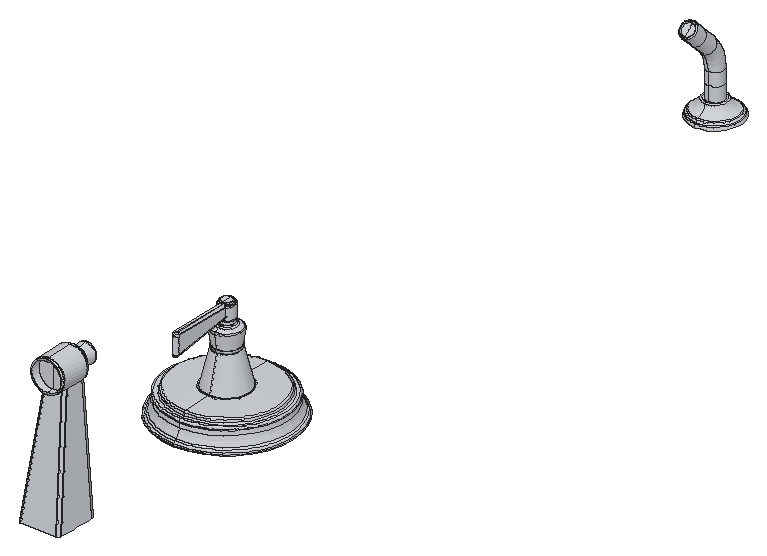
Revit family "Shower-Bath_and_Shower_Trim-KOHLER-Archer-K-TLS11077", category Plumbing Fixtures, host Face, Revit 2015
Parameters (values of type "CP-Polished Chrome")
  Width = 6 1/2"  # constant formula
  Waste Water Outlet = "Waste Water Outlet"  # constant formula
  Waste Connection = 1 = 0  # no
  Vent Connection = 1 = 0  # no
  URL = "https://www.us.kohler.com/us/"
  Type = 1
  Product Page URL = "http://www.us.kohler.com/us/catalog/productDetails.jsp?productNumber=TLS11077-4"
  Product Name = "Archer"  # constant formula
  Product Documentation Link = "https://www.us.kohler.com/webassets/kpna/catalog/pdf/en/K-TLS11077-4_spec.pdf"
  Panel Thickness = 0"
  Model = if(Type = 1, "K-TLS11077-4-CP", if(Type = 2, "K-TLS11077-4-BN", "NA"))  # "K-TLS11077-4-CP"
  Material = "Premium Metal Construction"  # constant formula
  MasterFormat 2004 = "22.41.23"  # constant formula
  MasterFormat 1995 = "15410"  # constant formula
  Manufacturer Address = "444 Highland Dr, Kohler, WI 53044"  # constant formula
  Manufacturer = "KOHLER Co."  # constant formula
  Length = 4 1/2"  # constant formula
  Tempered Water Inlet-2 = "Tempered Water Inlet-2"  # constant formula
  Height = 6 1/2"  # constant formula
  Distance To Spout [instance] = 10"
  Distance To Showerarm [instance] = 30"
  HW Connection = 1 = 1  # yes
  Finish = Kohler-Metal-CP-Polished_Chrome
  Environmental Product Declaration = ""
  Drain Included = 1 = 0  # no
  Description = "Rite-Temp bath and shower valve trim with lever handle and spout, less showerhead"  # constant formula
  Default Elevation = 42"
  Declare Label = ""
  Date Modified = "01/22/2019"  # constant formula
  Date Created = "01/22/2019"  # constant formula
  Copyright = "Copyright KOHLER Co."  # constant formula
  Contact Us = "https://www.us.kohler.com/us/static/contact.jsp"
  Tempered Water Inlet-1 = "Tempered Water Inlet-1"  # constant formula
  CW Connection = 1 = 0  # no
  Assembly Code = "D2010700"
  ADA Compliant = 1 = 1  # yes
Reference planes (in)
  plane 1 "Center (Front/Back)": y = 0
  plane 2: z = 0
  plane 3 "Center (Left/Right)": x = 0
  plane 4: y = 30
  plane 5: x = -3.25
  plane 6: x = 3.25
  plane 7: y = 3.25
  plane 8: y = -3.25
  plane 9: z = 4.5
  plane 10: y = 28.3125
  plane 11: y = 31.25
  plane 12: y = 28.75
  plane 13: z = 5
  plane 14: z = 6.5
  plane 15: y = -10
  plane 16: y = -11.58052
  plane 17: y = -9.39302
Dimensions and locks (in)
  "Distance To Showerarm": plane 1 "Center (Front/Back)" to plane 4
  "Width": plane 5 to plane 6
  "Height": plane 7 to plane 8
  "Length": level to plane 9
  locked: plane 4 to plane 10 at 1.6875
  locked: plane 11 to plane 12 at 2.5
  locked: plane 13 to plane 2 at 5
  locked: plane 14 to plane 2 at 6.5
  locked: plane 17 to plane 16 at 2.1875
  locked: plane 17 to plane 15 at 0.60698
  "Distance To Spout": plane 15 to plane 1 "Center (Front/Back)"
  locked: plane 11 to plane 4 at 1.25
  aligned and locked: host face to plane 2
  aligned and locked: host face to level
  aligned and locked: nested 2 to plane 4
  aligned and locked: plane 15 to nested 3
  aligned and locked: plane 16 to nested 3
  aligned and locked: plane 17 to nested 3
Automatic sketch dimensions
  host sketch curve to host sketch curve = 96"  (x2)
Nested families (in)
  nested 1: "K-TLS11077_Handle" at (0, 0, 0), type "K-TLS11077_Handle"
  nested 2: "K-TLS11077_Shower arm" at (0, 30, 0), type "K-TLS11077_Shower arm"
  nested 3: "K-TLS11077_Spout" at (0, -10, 0), type "K-TLS11077_Spout"
Connectors (in)
  piping at (0, 30, 0), diameter 0.5, driven by "HW Connection", driven by "Tempered Water Inlet-1"
    settings: on nested 2, index 1, connector inside diameter 24", connector length 0", flow factor 0, pipe flow 0 GPM, pressure drop 0.00 psi, fitting loss kfactor 0, connector angle 0.00°, fixture units 0, engagement length 0", angle of deflection 0.00°, flow configuration 0, flow direction 1, fitting loss method 0, system type 19, joint type 0, gender type 0, connector reference index -1, connector utility 1, adjustable connector no, is connector primary yes, connector description "Tempered Water Inlet-1"
  piping at (0, -10, 0), diameter 0.5, driven by "HW Connection", driven by "Tempered Water Inlet-2"
    settings: on nested 3, index 2, connector inside diameter 24", connector length 0", flow factor 0, pipe flow 0 GPM, pressure drop 0.00 psi, fitting loss kfactor 0, connector angle 0.00°, fixture units 0, engagement length 0", angle of deflection 0.00°, flow configuration 0, flow direction 1, fitting loss method 0, system type 19, joint type 0, gender type 0, connector reference index -1, connector utility 1, adjustable connector no, is connector primary no, connector description "Tempered Water Inlet-2"
Definition of nested family "K-TLS11077_Handle"
  Parameters (values of type "K-TLS11077_Handle")
    Material = none
  Reference planes (in)
    plane 1 "Center (Front/Back)": y = 0
    plane 2: z = 0
    plane 3 "Center (Left/Right)": x = 0
    plane 4: x = -3.25
    plane 5: x = 3.25
    plane 6: y = 3.25
    plane 7: y = -3.25
    plane 8: z = 5
  Forms (in)
    Revolve 1, solid, material <- "Material", detail levels medium+fine
      sketch origin (0, 0, 0) x (0, 1, 0) y (0, 0, 1)
        loop
          line (0, 0) -> (0, 5.05079) -> (-0.26776, 5.05079)
          arc (-0.26776, 5.05079) -> (-0.28179, 5.04498) -> (-0.2876, 5.03095) r 0.01984
          line (-0.2876, 5.03095) -> (-0.2876, 5)
          arc (-0.2876, 5) -> (-0.29443, 4.98178) -> (-0.31156, 4.97256) r 0.02769
          arc (-0.31156, 4.97256) -> (-0.32893, 4.96723) -> (-0.34369, 4.95664) r 0.05611
          line (-0.34369, 4.95664) -> (-0.37791, 4.92241)
          arc (-0.37791, 4.92241) -> (-0.38723, 4.90847) -> (-0.3905, 4.89202) r 0.04297
          line (-0.3905, 4.89202) -> (-0.3905, 4.32741)
          arc (-0.3905, 4.32741) -> (-0.38684, 4.30849) -> (-0.3764, 4.29229) r 0.0508
          arc (-0.3764, 4.29229) -> (-0.3661, 4.27632) -> (-0.3625, 4.25767) r 0.05005
          line (-0.3625, 4.25767) -> (-0.3625, 4.13355)
          arc (-0.3625, 4.13355) -> (-0.36657, 4.11333) -> (-0.37815, 4.09625) r 0.05227
          arc (-0.37815, 4.09625) -> (-0.38924, 4.08226) -> (-0.39652, 4.06595) r 0.07176
          arc (-0.39652, 4.06595) -> (-0.42403, 4.01725) -> (-0.46956, 3.98476) r 0.12906
          line (-0.46956, 3.98476) -> (-0.70021, 3.88685)
          arc (-0.70021, 3.88685) -> (-0.71909, 3.87) -> (-0.7238, 3.84515) r 0.03936
          line (-0.7238, 3.84515) -> (-0.62531, 3.1443)
          arc (-0.62531, 3.1443) -> (-0.62824, 3.1226) -> (-0.64205, 3.10561) r 0.04045
          arc (-0.64205, 3.10561) -> (-0.65959, 3.05349) -> (-0.61521, 3.021) r 0.04656
          line (-0.61521, 3.021) -> (-0.56508, 3.021)
          arc (-0.56508, 3.021) -> (-0.58157, 3.01234) -> (-0.5987, 3.00504) r 0.22933
          arc (-0.5987, 3.00504) -> (-0.62248, 2.98874) -> (-0.6361, 2.96334) r 0.06091
          line (-0.6361, 2.96334) -> (-1.06808, 1.29385)
          arc (-1.06808, 1.29385) -> (-1.07128, 1.27449) -> (-1.07098, 1.25488) r 0.10977
          line (-1.07098, 1.25488) -> (-1.06763, 1.22302)
          arc (-1.06763, 1.22302) -> (-1.09224, 1.26748) -> (-1.14008, 1.28461) r 0.07198
          arc (-1.14008, 1.28461) -> (-1.8288, 1.26825) -> (-2.51724, 1.24266) r 51.38525
          arc (-2.51724, 1.24266) -> (-2.55945, 1.22571) -> (-2.58176, 1.18607) r 0.06857
          line (-2.58176, 1.18607) -> (-2.60021, 1.08141)
          arc (-2.60021, 1.08141) -> (-2.62356, 1.04097) -> (-2.66744, 1.025) r 0.06826
          line (-2.66744, 1.025) -> (-2.8287, 1.025)
          arc (-2.8287, 1.025) -> (-2.87967, 1.00389) -> (-2.90079, 0.95291) r 0.07209
          line (-2.90079, 0.95291) -> (-2.90079, 0.89934)
          arc (-2.90079, 0.89934) -> (-2.90538, 0.79444) -> (-2.91912, 0.69035) r 1.20053
          arc (-2.91912, 0.69035) -> (-2.97749, 0.46587) -> (-3.07064, 0.25344) r 1.46171
          arc (-3.07064, 0.25344) -> (-3.10552, 0.21196) -> (-3.15413, 0.18797) r 0.13216
          arc (-3.15413, 0.18797) -> (-3.20884, 0.15699) -> (-3.24059, 0.10273) r 0.12085
          arc (-3.24059, 0.10273) -> (-3.24764, 0.06789) -> (-3.25, 0.03243) r 0.26721
          line (-3.25, 0.03243) -> (-3.25, 0) -> (0, 0)
        axis (0, 5.05079) -> (0, 0)
      angle from 0 to 360
    Revolve 2, solid, material <- "Material", detail levels medium+fine
      sketch origin (0, -6.22502, 0) x (0, -1, 0) y (0, 0, 1)
        loop
          line (-3.11251, 5) -> (-3.1636, 5)
          arc (-3.1636, 5) -> (-3.1789, 4.9959) -> (-3.1901, 4.9847) r 0.03059
          line (-3.1901, 4.9847) -> (-3.23219, 4.9118)
          arc (-3.23219, 4.9118) -> (-3.24547, 4.87973) -> (-3.25, 4.84532) r 0.13297
          line (-3.25, 4.84532) -> (-3.25, 4.04176)
          arc (-3.25, 4.04176) -> (-3.24547, 4.00738) -> (-3.23221, 3.97535) r 0.13281
          line (-3.23221, 3.97535) -> (-3.21603, 3.94733)
          arc (-3.21603, 3.94733) -> (-3.19892, 3.93022) -> (-3.17555, 3.92396) r 0.04674
          line (-3.17555, 3.92396) -> (-3.11251, 3.92396) -> (-3.11251, 5)
        axis (-3.11251, 5) -> (-3.11251, 3.92396)
      angle from 90 to 270
    Blend 3, solid, material <- "Material", detail levels medium+fine
      base sketch origin (0, 0, 0) x (1, 0, 0) y (0, 0, 1)
        loop
          arc (-0.06372, 5) -> (-0.0799, 4.99566) -> (-0.09175, 4.98382) r 0.03237
          line (-0.09175, 4.98382) -> (-0.15817, 4.86878)
          arc (-0.15817, 4.86878) -> (-0.16519, 4.85182) -> (-0.16759, 4.83362) r 0.07031
          line (-0.16759, 4.83362) -> (-0.16759, 4.47082)
          arc (-0.16759, 4.47082) -> (-0.1652, 4.45266) -> (-0.15819, 4.43574) r 0.07015
          line (-0.15819, 4.43574) -> (-0.12355, 4.37575)
          arc (-0.12355, 4.37575) -> (-0.1117, 4.3639) -> (-0.09552, 4.35956) r 0.03237
          line (-0.09552, 4.35956) -> (0.09594, 4.35956)
          arc (0.09594, 4.35956) -> (0.11176, 4.3638) -> (0.12334, 4.37538) r 0.03164
          line (0.12334, 4.37538) -> (0.15817, 4.43571)
          arc (0.15817, 4.43571) -> (0.16519, 4.45266) -> (0.16759, 4.47086) r 0.07031
          line (0.16759, 4.47086) -> (0.16759, 4.83362)
          arc (0.16759, 4.83362) -> (0.16519, 4.85182) -> (0.15817, 4.86878) r 0.07031
          line (0.15817, 4.86878) -> (0.09154, 4.98418)
          arc (0.09154, 4.98418) -> (0.07996, 4.99576) -> (0.06414, 5) r 0.03164
          line (0.06414, 5) -> (-0.06372, 5)
      top sketch origin (0, 0, 0) x (1, 0, 0) y (0, 0, 1)
        loop
          line (-0.07759, 4.9847) -> (-0.11968, 4.9118)
          arc (-0.11968, 4.9118) -> (-0.13296, 4.87973) -> (-0.13749, 4.84532) r 0.13297
          line (-0.13749, 4.84532) -> (-0.13749, 4.04176)
          arc (-0.13749, 4.04176) -> (-0.13297, 4.00738) -> (-0.1197, 3.97535) r 0.13281
          line (-0.1197, 3.97535) -> (-0.10352, 3.94733)
          arc (-0.10352, 3.94733) -> (-0.08641, 3.93022) -> (-0.06304, 3.92396) r 0.04674
          line (-0.06304, 3.92396) -> (0.06304, 3.92396)
          arc (0.06304, 3.92396) -> (0.08641, 3.93022) -> (0.10352, 3.94733) r 0.04674
          line (0.10352, 3.94733) -> (0.1197, 3.97535)
          arc (0.1197, 3.97535) -> (0.13297, 4.00738) -> (0.13749, 4.04176) r 0.13281
          line (0.13749, 4.04176) -> (0.13749, 4.84532)
          arc (0.13749, 4.84532) -> (0.13296, 4.87973) -> (0.11968, 4.9118) r 0.13297
          line (0.11968, 4.9118) -> (0.07759, 4.9847)
          arc (0.07759, 4.9847) -> (0.06639, 4.9959) -> (0.05109, 5) r 0.03059
          line (0.05109, 5) -> (-0.05109, 5)
          arc (-0.05109, 5) -> (-0.06639, 4.9959) -> (-0.07759, 4.9847) r 0.03059
      from 0.15078 to 3.11251
    Revolve 4, solid, material <- "Material", detail levels coarse
      sketch origin (0, 0, 0) x (0, 1, 0) y (0, 0, 1)
        loop
          line (0, 5) -> (-0.37899, 5) -> (-0.37899, 4.1185) -> (-0.68013, 4.1185) -> (-0.68013, 3.86757) -> (-1.07018, 3.86757) -> (-1.07018, 1.28575) -> (-3.25, 1.28575) -> (-3.25, 0) -> (0, 0) -> (0, 5)
        axis (0, 5) -> (0, 0)
      angle from 0 to 360
    Extrusion 5, solid, material <- "Material", detail levels coarse
      sketch origin (0, 0, 0) x (0, 1, 0) y (0, 0, 1)
        loop
          line (0, 5) -> (-3.25, 5) -> (-3.25, 3.91215) -> (0, 4.32741) -> (0, 5)
      from -0.16382 to 0.18092
  Cuts and joins
    joined: Revolve 1, Revolve 2
    joined: Revolve 4, Extrusion 5
  Lines and regions (in)
    Masking region 1
      outline origin (0, 0, 0) x (0, 1, 0) y (0, 0, 1)
        loop
          line (0, 0) -> (3.25, 0) -> (3.25, 0.03243)
          arc (3.25, 0.03243) -> (3.24764, 0.06789) -> (3.24059, 0.10273) r 0.26721
          arc (3.24059, 0.10273) -> (3.20884, 0.15699) -> (3.15413, 0.18797) r 0.12085
          arc (3.15413, 0.18797) -> (3.10552, 0.21196) -> (3.07064, 0.25344) r 0.13216
          arc (3.07064, 0.25344) -> (2.97749, 0.46587) -> (2.91912, 0.69035) r 1.46171
          arc (2.91912, 0.69035) -> (2.90538, 0.79444) -> (2.90079, 0.89934) r 1.20053
          line (2.90079, 0.89934) -> (2.90079, 0.95291)
          arc (2.90079, 0.95291) -> (2.87967, 1.00389) -> (2.8287, 1.025) r 0.07209
          line (2.8287, 1.025) -> (2.66744, 1.025)
          arc (2.66744, 1.025) -> (2.62356, 1.04097) -> (2.60021, 1.08141) r 0.06826
          line (2.60021, 1.08141) -> (2.58176, 1.18607)
          arc (2.58176, 1.18607) -> (2.55945, 1.22571) -> (2.51724, 1.24266) r 0.06857
          arc (2.51724, 1.24266) -> (1.79386, 1.2693) -> (1.07018, 1.28575) r 51.38525
          line (1.07018, 1.28575) -> (0.6361, 2.96334)
          arc (0.6361, 2.96334) -> (0.62248, 2.98874) -> (0.5987, 3.00504) r 0.06091
          arc (0.5987, 3.00504) -> (0.58157, 3.01234) -> (0.56508, 3.021) r 0.22933
          line (0.56508, 3.021) -> (0.61521, 3.021)
          arc (0.61521, 3.021) -> (0.65959, 3.05349) -> (0.64205, 3.10561) r 0.04656
          arc (0.64205, 3.10561) -> (0.62824, 3.1226) -> (0.62531, 3.1443) r 0.04045
          line (0.62531, 3.1443) -> (0.7238, 3.84515)
          arc (0.7238, 3.84515) -> (0.71909, 3.87) -> (0.70021, 3.88685) r 0.03936
          line (0.70021, 3.88685) -> (0.46956, 3.98476)
          arc (0.46956, 3.98476) -> (0.42403, 4.01725) -> (0.39652, 4.06595) r 0.12906
          arc (0.39652, 4.06595) -> (0.38924, 4.08226) -> (0.37815, 4.09625) r 0.07176
          arc (0.37815, 4.09625) -> (0.36657, 4.11333) -> (0.3625, 4.13355) r 0.05227
          line (0.3625, 4.13355) -> (0.3625, 4.25767)
          arc (0.3625, 4.25767) -> (0.3661, 4.27632) -> (0.3764, 4.29229) r 0.05005
          arc (0.3764, 4.29229) -> (0.38684, 4.30849) -> (0.3905, 4.32741) r 0.0508
          line (0.3905, 4.32741) -> (0.3905, 4.89202)
          arc (0.3905, 4.89202) -> (0.38723, 4.90847) -> (0.37791, 4.92241) r 0.04297
          line (0.37791, 4.92241) -> (0.34369, 4.95664)
          arc (0.34369, 4.95664) -> (0.32893, 4.96723) -> (0.31156, 4.97256) r 0.05611
          arc (0.31156, 4.97256) -> (0.29443, 4.98178) -> (0.2876, 5) r 0.02769
          line (0.2876, 5) -> (0.2876, 5.03095)
          arc (0.2876, 5.03095) -> (0.28179, 5.04498) -> (0.26776, 5.05079) r 0.01984
          line (0.26776, 5.05079) -> (0, 5.05079) -> (-0.26776, 5.05079)
          arc (-0.26776, 5.05079) -> (-0.28179, 5.04498) -> (-0.2876, 5.03095) r 0.01984
          line (-0.2876, 5.03095) -> (-0.2876, 5) -> (-3.16337, 5)
          arc (-3.16337, 5) -> (-3.1788, 4.99587) -> (-3.19009, 4.98457) r 0.03085
          line (-3.19009, 4.98457) -> (-3.23312, 4.91005)
          arc (-3.23312, 4.91005) -> (-3.24571, 4.87966) -> (-3.25, 4.84705) r 0.12599
          line (-3.25, 4.84705) -> (-3.25, 4.0372)
          arc (-3.25, 4.0372) -> (-3.24605, 4.00723) -> (-3.23449, 3.9793) r 0.1158
          line (-3.23449, 3.9793) -> (-3.21542, 3.94628)
          arc (-3.21542, 3.94628) -> (-3.19908, 3.92994) -> (-3.17675, 3.92396) r 0.04465
          line (-3.17675, 3.92396) -> (-3.11251, 3.92396)
          arc (-3.11251, 3.92396) -> (-1.77317, 4.16968) -> (-0.42478, 4.35956) r 32.77394
          arc (-0.42478, 4.35956) -> (-0.40068, 4.35091) -> (-0.3905, 4.32741) r 0.03222
          arc (-0.3905, 4.32741) -> (-0.38684, 4.30849) -> (-0.3764, 4.29229) r 0.0508
          arc (-0.3764, 4.29229) -> (-0.3661, 4.27632) -> (-0.3625, 4.25767) r 0.05005
          line (-0.3625, 4.25767) -> (-0.3625, 4.13355)
          arc (-0.3625, 4.13355) -> (-0.36657, 4.11333) -> (-0.37815, 4.09625) r 0.05227
          arc (-0.37815, 4.09625) -> (-0.38924, 4.08226) -> (-0.39652, 4.06595) r 0.07176
          arc (-0.39652, 4.06595) -> (-0.42403, 4.01725) -> (-0.46956, 3.98476) r 0.12906
          line (-0.46956, 3.98476) -> (-0.70021, 3.88685)
          arc (-0.70021, 3.88685) -> (-0.71909, 3.87) -> (-0.7238, 3.84515) r 0.03936
          line (-0.7238, 3.84515) -> (-0.62531, 3.1443)
          arc (-0.62531, 3.1443) -> (-0.62824, 3.1226) -> (-0.64205, 3.10561) r 0.04045
          arc (-0.64205, 3.10561) -> (-0.65959, 3.05349) -> (-0.61521, 3.021) r 0.04656
          line (-0.61521, 3.021) -> (-0.56508, 3.021)
          arc (-0.56508, 3.021) -> (-0.58157, 3.01234) -> (-0.5987, 3.00504) r 0.22933
          arc (-0.5987, 3.00504) -> (-0.62248, 2.98874) -> (-0.6361, 2.96334) r 0.06091
          line (-0.6361, 2.96334) -> (-1.07018, 1.28575)
          arc (-1.07018, 1.28575) -> (-1.79386, 1.2693) -> (-2.51724, 1.24266) r 51.38525
          arc (-2.51724, 1.24266) -> (-2.55945, 1.22571) -> (-2.58176, 1.18607) r 0.06857
          line (-2.58176, 1.18607) -> (-2.60021, 1.08141)
          arc (-2.60021, 1.08141) -> (-2.62356, 1.04097) -> (-2.66744, 1.025) r 0.06826
          line (-2.66744, 1.025) -> (-2.8287, 1.025)
          arc (-2.8287, 1.025) -> (-2.87967, 1.00389) -> (-2.90079, 0.95291) r 0.07209
          line (-2.90079, 0.95291) -> (-2.90079, 0.89934)
          arc (-2.90079, 0.89934) -> (-2.90538, 0.79444) -> (-2.91912, 0.69035) r 1.20053
          arc (-2.91912, 0.69035) -> (-2.97749, 0.46587) -> (-3.07064, 0.25344) r 1.46171
          arc (-3.07064, 0.25344) -> (-3.10552, 0.21196) -> (-3.15413, 0.18797) r 0.13216
          arc (-3.15413, 0.18797) -> (-3.20884, 0.15699) -> (-3.24059, 0.10273) r 0.12085
          arc (-3.24059, 0.10273) -> (-3.24764, 0.06789) -> (-3.25, 0.03243) r 0.26721
          line (-3.25, 0.03243) -> (-3.25, 0) -> (0, 0)
    Masking region 2
      outline origin (0, 0, 0) x (1, 0, 0) y (0, 0, 1)
        loop
          line (0, 0) -> (3.25, 0) -> (3.25, 0.03243)
          arc (3.25, 0.03243) -> (3.24764, 0.06789) -> (3.24059, 0.10273) r 0.26721
          arc (3.24059, 0.10273) -> (3.20884, 0.15699) -> (3.15413, 0.18797) r 0.12085
          arc (3.15413, 0.18797) -> (3.10552, 0.21196) -> (3.07064, 0.25344) r 0.13216
          arc (3.07064, 0.25344) -> (2.97749, 0.46587) -> (2.91912, 0.69035) r 1.46171
          arc (2.91912, 0.69035) -> (2.90538, 0.79444) -> (2.90079, 0.89934) r 1.20053
          line (2.90079, 0.89934) -> (2.90079, 0.95291)
          arc (2.90079, 0.95291) -> (2.87967, 1.00389) -> (2.8287, 1.025) r 0.07209
          line (2.8287, 1.025) -> (2.66744, 1.025)
          arc (2.66744, 1.025) -> (2.62356, 1.04097) -> (2.60021, 1.08141) r 0.06826
          line (2.60021, 1.08141) -> (2.58176, 1.18607)
          arc (2.58176, 1.18607) -> (2.55945, 1.22571) -> (2.51724, 1.24266) r 0.06857
          arc (2.51724, 1.24266) -> (1.79386, 1.2693) -> (1.07018, 1.28575) r 51.38525
          line (1.07018, 1.28575) -> (0.6361, 2.96334)
          arc (0.6361, 2.96334) -> (0.62248, 2.98874) -> (0.5987, 3.00504) r 0.06091
          arc (0.5987, 3.00504) -> (0.58157, 3.01234) -> (0.56508, 3.021) r 0.22933
          line (0.56508, 3.021) -> (0.61521, 3.021)
          arc (0.61521, 3.021) -> (0.65959, 3.05349) -> (0.64205, 3.10561) r 0.04656
          arc (0.64205, 3.10561) -> (0.62824, 3.1226) -> (0.62531, 3.1443) r 0.04045
          line (0.62531, 3.1443) -> (0.7238, 3.84515)
          arc (0.7238, 3.84515) -> (0.71909, 3.87) -> (0.70021, 3.88685) r 0.03936
          line (0.70021, 3.88685) -> (0.46956, 3.98476)
          arc (0.46956, 3.98476) -> (0.42403, 4.01725) -> (0.39652, 4.06595) r 0.12906
          arc (0.39652, 4.06595) -> (0.38924, 4.08226) -> (0.37815, 4.09625) r 0.07176
          arc (0.37815, 4.09625) -> (0.36657, 4.11333) -> (0.3625, 4.13355) r 0.05227
          line (0.3625, 4.13355) -> (0.3625, 4.25767)
          arc (0.3625, 4.25767) -> (0.3661, 4.27632) -> (0.3764, 4.29229) r 0.05005
          arc (0.3764, 4.29229) -> (0.38684, 4.30849) -> (0.3905, 4.32741) r 0.0508
          line (0.3905, 4.32741) -> (0.3905, 4.89202)
          arc (0.3905, 4.89202) -> (0.38723, 4.90847) -> (0.37791, 4.92241) r 0.04297
          line (0.37791, 4.92241) -> (0.34369, 4.95664)
          arc (0.34369, 4.95664) -> (0.32893, 4.96723) -> (0.31156, 4.97256) r 0.05611
          arc (0.31156, 4.97256) -> (0.29443, 4.98178) -> (0.2876, 5) r 0.02769
          line (0.2876, 5) -> (0.2876, 5.03095)
          arc (0.2876, 5.03095) -> (0.28179, 5.04498) -> (0.26776, 5.05079) r 0.01984
          line (0.26776, 5.05079) -> (0, 5.05079) -> (-0.26776, 5.05079)
          arc (-0.26776, 5.05079) -> (-0.28179, 5.04498) -> (-0.2876, 5.03095) r 0.01984
          line (-0.2876, 5.03095) -> (-0.2876, 5)
          arc (-0.2876, 5) -> (-0.29443, 4.98178) -> (-0.31156, 4.97256) r 0.02769
          arc (-0.31156, 4.97256) -> (-0.32893, 4.96723) -> (-0.34369, 4.95664) r 0.05611
          line (-0.34369, 4.95664) -> (-0.37791, 4.92241)
          arc (-0.37791, 4.92241) -> (-0.38723, 4.90847) -> (-0.3905, 4.89202) r 0.04297
          line (-0.3905, 4.89202) -> (-0.3905, 4.32741)
          arc (-0.3905, 4.32741) -> (-0.38684, 4.30849) -> (-0.3764, 4.29229) r 0.0508
          arc (-0.3764, 4.29229) -> (-0.3661, 4.27632) -> (-0.3625, 4.25767) r 0.05005
          line (-0.3625, 4.25767) -> (-0.3625, 4.13355)
          arc (-0.3625, 4.13355) -> (-0.36657, 4.11333) -> (-0.37815, 4.09625) r 0.05227
          arc (-0.37815, 4.09625) -> (-0.38924, 4.08226) -> (-0.39652, 4.06595) r 0.07176
          arc (-0.39652, 4.06595) -> (-0.42403, 4.01725) -> (-0.46956, 3.98476) r 0.12906
          line (-0.46956, 3.98476) -> (-0.70021, 3.88685)
          arc (-0.70021, 3.88685) -> (-0.71909, 3.87) -> (-0.7238, 3.84515) r 0.03936
          line (-0.7238, 3.84515) -> (-0.62531, 3.1443)
          arc (-0.62531, 3.1443) -> (-0.62824, 3.1226) -> (-0.64205, 3.10561) r 0.04045
          arc (-0.64205, 3.10561) -> (-0.65959, 3.05349) -> (-0.61521, 3.021) r 0.04656
          line (-0.61521, 3.021) -> (-0.56508, 3.021)
          arc (-0.56508, 3.021) -> (-0.58157, 3.01234) -> (-0.5987, 3.00504) r 0.22933
          arc (-0.5987, 3.00504) -> (-0.62248, 2.98874) -> (-0.6361, 2.96334) r 0.06091
          line (-0.6361, 2.96334) -> (-1.07018, 1.28575)
          arc (-1.07018, 1.28575) -> (-1.79386, 1.2693) -> (-2.51724, 1.24266) r 51.38525
          arc (-2.51724, 1.24266) -> (-2.55945, 1.22571) -> (-2.58176, 1.18607) r 0.06857
          line (-2.58176, 1.18607) -> (-2.60021, 1.08141)
          arc (-2.60021, 1.08141) -> (-2.62356, 1.04097) -> (-2.66744, 1.025) r 0.06826
          line (-2.66744, 1.025) -> (-2.8287, 1.025)
          arc (-2.8287, 1.025) -> (-2.87967, 1.00389) -> (-2.90079, 0.95291) r 0.07209
          line (-2.90079, 0.95291) -> (-2.90079, 0.89934)
          arc (-2.90079, 0.89934) -> (-2.90538, 0.79444) -> (-2.91912, 0.69035) r 1.20053
          arc (-2.91912, 0.69035) -> (-2.97749, 0.46587) -> (-3.07064, 0.25344) r 1.46171
          arc (-3.07064, 0.25344) -> (-3.10552, 0.21196) -> (-3.15413, 0.18797) r 0.13216
          arc (-3.15413, 0.18797) -> (-3.20884, 0.15699) -> (-3.24059, 0.10273) r 0.12085
          arc (-3.24059, 0.10273) -> (-3.24764, 0.06789) -> (-3.25, 0.03243) r 0.26721
          line (-3.25, 0.03243) -> (-3.25, 0) -> (0, 0)
    Masking region 3
      outline origin (0, 0, 0) x (1, 0, 0) y (0, 1, 0)
        loop
          arc (-3.25, 0) -> (-2.2981, -2.2981) -> (0, -3.25) r 3.25
          arc (0, -3.25) -> (2.27533, -2.3209) -> (3.25, -0.06472) r 3.25066
          arc (3.25, -0.06472) -> (2.32148, 2.27552) -> (0, 3.25) r 3.24937
          arc (0, 3.25) -> (-2.2981, 2.2981) -> (-3.25, 0) r 3.25
    symbolic lines, detail levels medium+fine
      curve 1: line (0, 3.15413, 0.18797) -> (0, -3.15413, 0.18797)
      curve 2: line (0, 2.66744, 1.025) -> (0, -2.66744, 1.025)
      curve 3: line (0, 1.07018, 1.28575) -> (0, -1.07018, 1.28575)
      curve 4: line (0, 0.56508, 3.021) -> (0, -0.56508, 3.021)
      curve 5: line (0, 0.64205, 3.10561) -> (0, -0.64205, 3.10561)
      curve 6: line (0, 0.70021, 3.88685) -> (0, -0.70021, 3.88685)
      curve 7: line (0, 0.3625, 4.25767) -> (0, -0.3625, 4.25767)
      curve 8: line (0, 0.3905, 4.32741) -> (0, -0.3905, 4.32741)
      curve 9: line (0, 0.2876, 5) -> (0, -0.2876, 5)
      curve 10: line (3.15413, 0, 0.18797) -> (-3.15413, 0, 0.18797)
      curve 11: line (2.66744, 0, 1.025) -> (-2.66744, 0, 1.025)
      curve 12: line (1.07018, 0, 1.28575) -> (-1.07018, 0, 1.28575)
      curve 13: line (0.56508, 0, 3.021) -> (-0.56508, 0, 3.021)
      curve 14: line (0.64205, 0, 3.10561) -> (-0.64205, 0, 3.10561)
      curve 15: line (0.70021, 0, 3.88685) -> (-0.70021, 0, 3.88685)
      curve 16: line (0.3905, 0, 4.32741) -> (-0.3905, 0, 4.32741)
      curve 17: line (0.3625, 0, 4.25767) -> (-0.3625, 0, 4.25767)
      curve 18: line (0.2876, 0, 5) -> (-0.2876, 0, 5)
      curve 19: circle (0, 0, 0) r 0.28753 normal (0, 0, 1)
      curve 20: arc (0.14561, -0.28104, 0) -> (-0.00085, 0.31652, 0) -> (-0.1441, -0.28181, 0) r 0.31652
      curve 21: arc (0.22087, -0.32211, 0) -> (-0.00156, 0.39102, 0) -> (-0.22138, -0.32292, 0) r 0.39103
      curve 22: line (-0.16846, -0.4218, 0) -> (-0.14078, -2.89401, 0)
      curve 23: line (0.16821, -0.44417, 0) -> (0.14078, -2.89401, 0)
      curve 24: arc (-0.22138, -0.32292, 0) -> (-0.18282, -0.36588, 0) -> (-0.16846, -0.4218, 0) r 0.12138
      curve 25: arc (0.22087, -0.32211, 0) -> (0.17697, -0.37556, 0) -> (0.16821, -0.44417, 0) r 0.125
      curve 26: line (-0.07814, -0.38827, 0) -> (-0.04764, -3.11294, 0)
      curve 27: line (0.07812, -0.39062, 0) -> (0.04764, -3.11294, 0)
      curve 28: arc (-0.1441, -0.28181, 0) -> (-0.09629, -0.32585, 0) -> (-0.07814, -0.38827, 0) r 0.12109
      curve 29: arc (0.14561, -0.28104, 0) -> (0.09667, -0.32648, 0) -> (0.07812, -0.39062, 0) r 0.125
      curve 30: arc (-0.13833, -3.11321, 0) -> (0, -3.25, 0) -> (0.13833, -3.11321, 0) r 0.13834
      curve 31: arc (-0.04764, -3.11294, 0) -> (0, -3.16004, 0) -> (0.04764, -3.11294, 0) r 0.04764
      curve 32: arc (0.16532, -0.70269, 0) -> (0, 0.72187, 0) -> (-0.16532, -0.70269, 0) r 0.72187
      curve 33: arc (0.16137, -1.05537, 0) -> (0, 1.06763, 0) -> (-0.16137, -1.05537, 0) r 1.06763
      curve 34: arc (0.14078, -2.89401, 0) -> (0, 2.89743, 0) -> (-0.14078, -2.89401, 0) r 2.89743
      curve 35: line (-0.14078, -2.89401, 0) -> (-0.13833, -3.11321, 0)
      curve 36: line (0.14078, -2.89401, 0) -> (0.13833, -3.11321, 0)
      curve 37: line (0, -0.35345, 4.83914) -> (0, -0.35345, 4.44927)
      curve 38: arc (0, -0.35345, 4.44927) -> (0, -0.35411, 4.43111) -> (0, -0.35607, 4.41305) r 0.25127
      curve 39: arc (0, -0.35607, 4.41305) -> (0, -0.3591, 4.39595) -> (0, -0.36315, 4.37907) r 0.28585
      curve 40: arc (0, -0.36315, 4.37907) -> (0, -0.36641, 4.3655) -> (0, -0.36882, 4.35175) r 0.22635
      curve 41: arc (0, -0.36882, 4.35175) -> (0, -0.376, 4.33632) -> (0, -0.3905, 4.32741) r 0.02952
      curve 42: arc (0, -0.36187, 4.88855) -> (0, -0.35557, 4.8642) -> (0, -0.35345, 4.83914) r 0.14918
      curve 43: line (0, -0.32452, 4.95949) -> (0, -0.35513, 4.92407)
      curve 44: arc (0, -0.35513, 4.92407) -> (0, -0.36327, 4.90722) -> (0, -0.36187, 4.88855) r 0.03607
      curve 45: arc (0, -0.30567, 4.97009) -> (0, -0.31602, 4.96644) -> (0, -0.32452, 4.95949) r 0.03188
      curve 46: arc (0, -0.28403, 4.97906) -> (0, -0.29433, 4.97334) -> (0, -0.30567, 4.97009) r 0.05203
      curve 47: arc (0, -0.2798, 5) -> (0, -0.27778, 4.9887) -> (0, -0.28403, 4.97906) r 0.01564
  Dimensions and locks (in)
    locked: plane 4 to plane 5 at 6.5
    locked: plane 6 to plane 7 at 6.5
    locked: plane 8 to plane 2 at 5
    aligned and locked: plane 2 to level
Definition of nested family "K-TLS11077_Shower arm"
  Parameters (values of type "K-TLS11077_Shower arm")
    Material = none
  Reference planes (in)
    plane 1 "Center (Front/Back)": y = 0
    plane 2: z = 0
    plane 3 "Center (Left/Right)": x = 0
    plane 4: x = -1.25
    plane 5: x = 1.25
    plane 6: y = 1.25
    plane 7: y = -1.25
    plane 8: y = -1.6875
    plane 9: z = 4.5
  Forms (in)
    Revolve 1, solid, material <- "Material", detail levels medium+fine
      sketch origin (0, 0, 0) x (0, 1, 0) y (0, 0, 1)
        loop
          line (0, 0) -> (0, 1.46191) -> (-0.406, 1.46191) -> (-0.406, 0.78) -> (-0.5314, 0.78)
          arc (-0.5314, 0.78) -> (-0.5657, 0.76923) -> (-0.5877, 0.7408) r 0.06002
          arc (-0.5877, 0.7408) -> (-0.77402, 0.46229) -> (-1.0664, 0.2986) r 0.71832
          arc (-1.0664, 0.2986) -> (-1.09228, 0.28413) -> (-1.1088, 0.25951) r 0.06368
          arc (-1.1088, 0.25951) -> (-1.13948, 0.20534) -> (-1.18557, 0.16348) r 0.19645
          arc (-1.18557, 0.16348) -> (-1.20256, 0.1483) -> (-1.21425, 0.12876) r 0.07566
          arc (-1.21425, 0.12876) -> (-1.23591, 0.06543) -> (-1.25, 0) r 0.57006
          line (-1.25, 0) -> (0, 0)
        axis (0, 1.46191) -> (0, 0)
      angle from 0 to 360
    Sweep 2, solid, material <- "Material", detail levels medium+fine
      path origin (0, 0, 0) x (0, 1, 0) y (0, 0, 1)
        loop
          line (-1.13369, 3.94619) -> (-0.50083, 3.31333)
          arc (-0.50083, 3.31333) -> (-0.13016, 2.75859) -> (0, 2.10422) r 1.70993
          line (0, 2.10422) -> (0, 1.46191)
      profile origin (0, 0, 1.78307) x (0, -1, 0) y (1, 0, 0)
        loop
          circle (0, 0) r 0.406
    Revolve 3, solid, material <- "Material", detail levels medium+fine
      sketch origin (0, 0, 0) x (0, 1, 0) y (0, 0, 1)
        loop
          line (-1.13369, 3.94619) -> (-0.8466, 4.23327) -> (-1.36931, 4.75598) -> (-1.43152, 4.75598) -> (-1.4534, 4.7341) -> (-1.40231, 4.68301) -> (-1.63641, 4.44891) -> (-1.13369, 3.94619)
        axis (-1.13369, 3.94619) -> (-1.6875, 4.5)
      angle from 0 to 360
    Revolve 4, solid, material <- "Material", detail levels coarse
      sketch origin (0, 0, 0) x (0, 1, 0) y (0, 0, 1)
        loop
          line (0, 0) -> (0, 0.78) -> (-0.75, 0.78) -> (-0.75, 0.53) -> (-1.25, 0.53) -> (-1.25, 0) -> (0, 0)
        axis (0, 0.78) -> (0, 0)
      angle from 0 to 360
    Sweep 5, solid, material <- "Material", detail levels coarse
      path origin (0, 0, 0) x (0, 1, 0) y (0, 0, 1)
        loop
          line (0, 0.78) -> (0, 2.20971)
          arc (0, 2.20971) -> (-0.11077, 2.76662) -> (-0.42623, 3.23873) r 1.45525
          line (-0.42623, 3.23873) -> (-1.6875, 4.5)
      profile origin (0, 0, 1.49486) x (0, -1, 0) y (1, 0, 0)
        loop
          circle (0, 0) r 0.5
    Extrusion 6, solid, material <- "Material", detail levels medium+fine
      sketch origin (0, 0, 0) x (1, 0, 0) y (0, 1, 0)
        loop
          circle (0, 0) r 0.25
      from 0 to 0.09536
  Cuts and joins
    joined: Revolve 1, Sweep 2, Revolve 3
    joined: Revolve 4, Sweep 5
  Lines and regions (in)
    Masking region 1
      outline origin (0, 0, 0) x (0, 1, 0) y (0, 0, 1)
        loop
          line (0, 0) -> (1.25, 0)
          arc (1.25, 0) -> (1.23591, 0.06543) -> (1.21425, 0.12876) r 0.57006
          arc (1.21425, 0.12876) -> (1.20256, 0.1483) -> (1.18557, 0.16348) r 0.07566
          arc (1.18557, 0.16348) -> (1.13948, 0.20534) -> (1.1088, 0.25951) r 0.19645
          arc (1.1088, 0.25951) -> (1.09228, 0.28413) -> (1.0664, 0.2986) r 0.06368
          arc (1.0664, 0.2986) -> (0.77402, 0.46229) -> (0.5877, 0.7408) r 0.71832
          arc (0.5877, 0.7408) -> (0.5657, 0.76923) -> (0.5314, 0.78) r 0.06002
          line (0.5314, 0.78) -> (0.406, 0.78) -> (0.406, 2.11379)
          arc (0.406, 2.11379) -> (0.24669, 2.91468) -> (-0.20698, 3.59365) r 2.09285
          line (-0.20698, 3.59365) -> (-1.36931, 4.75598) -> (-1.43152, 4.75598) -> (-1.6875, 4.5) -> (-1.94348, 4.24402) -> (-1.94348, 4.18181) -> (-0.78681, 3.02514)
          arc (-0.78681, 3.02514) -> (-0.50497, 2.60333) -> (-0.406, 2.10578) r 1.30017
          line (-0.406, 2.10578) -> (-0.406, 0.78) -> (-0.5314, 0.78)
          arc (-0.5314, 0.78) -> (-0.5657, 0.76923) -> (-0.5877, 0.7408) r 0.06002
          arc (-0.5877, 0.7408) -> (-0.77402, 0.46229) -> (-1.0664, 0.2986) r 0.71832
          arc (-1.0664, 0.2986) -> (-1.09228, 0.28413) -> (-1.1088, 0.25951) r 0.06368
          arc (-1.1088, 0.25951) -> (-1.13948, 0.20534) -> (-1.18557, 0.16348) r 0.19645
          arc (-1.18557, 0.16348) -> (-1.20256, 0.1483) -> (-1.21425, 0.12876) r 0.07566
          arc (-1.21425, 0.12876) -> (-1.23591, 0.06543) -> (-1.25, 0) r 0.57006
          line (-1.25, 0) -> (0, 0)
    Masking region 2
      outline origin (0, 0, 0) x (1, 0, 0) y (0, 0, 1)
        loop
          line (0, 0) -> (1.25, 0)
          arc (1.25, 0) -> (1.23591, 0.06543) -> (1.21425, 0.12876) r 0.57006
          arc (1.21425, 0.12876) -> (1.20256, 0.1483) -> (1.18557, 0.16348) r 0.07566
          arc (1.18557, 0.16348) -> (1.13948, 0.20534) -> (1.1088, 0.25951) r 0.19645
          arc (1.1088, 0.25951) -> (1.09228, 0.28413) -> (1.0664, 0.2986) r 0.06368
          arc (1.0664, 0.2986) -> (0.77402, 0.46229) -> (0.5877, 0.7408) r 0.71832
          arc (0.5877, 0.7408) -> (0.5657, 0.76923) -> (0.5314, 0.78) r 0.06002
          line (0.5314, 0.78) -> (0.406, 0.78) -> (0.406, 4.46889)
          spline (0.406, 4.46889) -> (0.40253, 4.50637) -> (0.39217, 4.5432) -> (0.3751, 4.57876) -> (0.35161, 4.61244) -> (0.3221, 4.64366) -> (0.28709, 4.67189) -> (0.24716, 4.69665) -> (0.203, 4.71752) -> (0.15537, 4.73413) -> (0.10508, 4.7462) -> (0.05299, 4.75352) -> (0, 4.75598)
          spline (0, 4.75598) -> (-0.05299, 4.75352) -> (-0.10508, 4.7462) -> (-0.15537, 4.73413) -> (-0.203, 4.71752) -> (-0.24716, 4.69665) -> (-0.28709, 4.67189) -> (-0.3221, 4.64366) -> (-0.35161, 4.61244) -> (-0.3751, 4.57876) -> (-0.39217, 4.5432) -> (-0.40253, 4.50637) -> (-0.406, 4.46889)
          line (-0.406, 4.46889) -> (-0.406, 0.78) -> (-0.5314, 0.78)
          arc (-0.5314, 0.78) -> (-0.5657, 0.76923) -> (-0.5877, 0.7408) r 0.06002
          arc (-0.5877, 0.7408) -> (-0.77402, 0.46229) -> (-1.0664, 0.2986) r 0.71832
          arc (-1.0664, 0.2986) -> (-1.09228, 0.28413) -> (-1.1088, 0.25951) r 0.06368
          arc (-1.1088, 0.25951) -> (-1.13948, 0.20534) -> (-1.18557, 0.16348) r 0.19645
          arc (-1.18557, 0.16348) -> (-1.20256, 0.1483) -> (-1.21425, 0.12876) r 0.07566
          arc (-1.21425, 0.12876) -> (-1.23591, 0.06543) -> (-1.25, 0) r 0.57006
          line (-1.25, 0) -> (0, 0)
    Masking region 3
      outline origin (0, 0, 0) x (1, 0, 0) y (0, 1, 0)
        loop
          arc (-1.25, 0) -> (-1.01735, -0.72629) -> (-0.406, -1.18223) r 1.25
          line (-0.406, -1.18223) -> (-0.406, -1.65639)
          spline (-0.406, -1.65639) -> (-0.40253, -1.69387) -> (-0.39217, -1.7307) -> (-0.3751, -1.76626) -> (-0.35161, -1.79994) -> (-0.3221, -1.83116) -> (-0.28709, -1.85939) -> (-0.24716, -1.88415) -> (-0.203, -1.90502) -> (-0.15537, -1.92163) -> (-0.10508, -1.9337) -> (-0.05299, -1.94102) -> (0, -1.94348)
          spline (0, -1.94348) -> (0.05299, -1.94102) -> (0.10508, -1.9337) -> (0.15537, -1.92163) -> (0.203, -1.90502) -> (0.24716, -1.88415) -> (0.28709, -1.85939) -> (0.3221, -1.83116) -> (0.35161, -1.79994) -> (0.3751, -1.76626) -> (0.39217, -1.7307) -> (0.40253, -1.69387) -> (0.406, -1.65639)
          line (0.406, -1.65639) -> (0.406, -1.18223)
          arc (0.406, -1.18223) -> (1.01735, -0.72629) -> (1.25, 0) r 1.25
          arc (1.25, 0) -> (0.88388, 0.88388) -> (0, 1.25) r 1.25
          arc (0, 1.25) -> (-0.88388, 0.88388) -> (-1.25, 0) r 1.25
    symbolic lines, detail levels medium+fine
      curve 1: line (0, 1.21425, 0.12876) -> (0, -1.21425, 0.12876)
      curve 2: line (0, 1.0664, 0.2986) -> (0, -1.0664, 0.2986)
      curve 3: line (0, 0.406, 0.78) -> (0, -0.406, 0.78)
      curve 4: line (0, -1.36931, 4.75598) -> (0, -1.94348, 4.18181)
      curve 5: line (1.21425, 0, 0.12876) -> (-1.21425, 0, 0.12876)
      curve 6: line (1.0664, 0, 0.2986) -> (-1.0664, 0, 0.2986)
      curve 7: line (0.406, 0, 0.78) -> (-0.406, 0, 0.78)
      curve 8: line (-0.406, -1.18223, 0) -> (-0.406, 0, 0)
      curve 9: line (0.406, -1.18223, 0) -> (0.406, 0, 0)
      curve 10: arc (-0.406, 0, 0) -> (0, 0.406, 0) -> (0.406, 0, 0) r 0.406
      curve 11: spline (-0.406, -1.65639, 0) -> (-0.40253, -1.61892, 0) -> (-0.39217, -1.58209, 0) -> (-0.3751, -1.54653, 0) -> (-0.35161, -1.51285, 0) -> (-0.3221, -1.48163, 0) -> (-0.28709, -1.45339, 0) -> (-0.24716, -1.42863, 0) -> (-0.203, -1.40777, 0) -> (-0.15537, -1.39116, 0) -> (-0.10508, -1.37909, 0) -> (-0.05299, -1.37176, 0) -> (0, -1.36931, 0)
      curve 12: spline (0, -1.9216, 0) -> (-0.08569, -1.91362, 0) -> (-0.16553, -1.89024, 0) -> (-0.2341, -1.85303, 0) -> (-0.28671, -1.80455, 0) -> (-0.31979, -1.74809, 0) -> (-0.33107, -1.6875, 0) -> (-0.31979, -1.62691, 0) -> (-0.28671, -1.57045, 0) -> (-0.2341, -1.52197, 0) -> (-0.16553, -1.48476, 0) -> (-0.08569, -1.46138, 0) -> (0, -1.4534, 0)
      curve 13: spline (0, -1.4534, 0) -> (0.08569, -1.46138, 0) -> (0.16553, -1.48476, 0) -> (0.2341, -1.52197, 0) -> (0.28671, -1.57045, 0) -> (0.31979, -1.62691, 0) -> (0.33107, -1.6875, 0) -> (0.31979, -1.74809, 0) -> (0.28671, -1.80455, 0) -> (0.2341, -1.85303, 0) -> (0.16553, -1.89024, 0) -> (0.08569, -1.91362, 0) -> (0, -1.9216, 0)
      curve 14: spline (0.32909, -1.66195, 0) -> (0.31067, -1.71732, 0) -> (0.2739, -1.76791, 0) -> (0.22096, -1.81074, 0) -> (0.15498, -1.84328, 0) -> (0.07985, -1.8636, 0) -> (0, -1.87051, 0) -> (-0.07985, -1.8636, 0) -> (-0.15498, -1.84328, 0) -> (-0.22096, -1.81074, 0) -> (-0.2739, -1.76791, 0) -> (-0.31067, -1.71732, 0) -> (-0.32909, -1.66195, 0)
      curve 15: arc (-0.21137, -1.47803, 0) -> (-0.10821, -1.44328, 0) -> (0, -1.43152, 0) r 0.50359
      curve 16: arc (-0.34364, -1.60757, 0) -> (-0.28868, -1.53138, 0) -> (-0.21137, -1.47803, 0) r 0.27615
      curve 17: arc (-0.34228, -1.77257, 0) -> (-0.36237, -1.69023, 0) -> (-0.34364, -1.60757, 0) r 0.18501
      curve 18: arc (-0.23402, -1.88338, 0) -> (-0.29661, -1.83625, 0) -> (-0.34228, -1.77257, 0) r 0.25937
      curve 19: arc (0, -1.94348, 0) -> (-0.12067, -1.92768, 0) -> (-0.23402, -1.88338, 0) r 0.50331
      curve 20: spline (0.31069, -1.47158, 0) -> (0.2909, -1.45613, 0) -> (0.26959, -1.44173, 0) -> (0.24685, -1.42847, 0) -> (0.22282, -1.41641, 0) -> (0.19761, -1.40561, 0) -> (0.17135, -1.39613, 0) -> (0.1442, -1.38802, 0) -> (0.11628, -1.38133, 0) -> (0.08775, -1.37609, 0) -> (0.05876, -1.37233, 0) -> (0.02946, -1.37006, 0) -> (0, -1.36931, 0)
      curve 21: arc (0.406, -1.65639, 0) -> (0.37687, -1.55444, 0) -> (0.31069, -1.47158, 0) r 0.26977
      curve 22: arc (0.21137, -1.47803, 0) -> (0.10821, -1.44328, 0) -> (0, -1.43152, 0) r 0.50359
      curve 23: arc (0.34364, -1.60757, 0) -> (0.28868, -1.53138, 0) -> (0.21137, -1.47803, 0) r 0.27615
      curve 24: arc (0.34228, -1.77257, 0) -> (0.36237, -1.69023, 0) -> (0.34364, -1.60757, 0) r 0.18501
      curve 25: arc (0.23402, -1.88338, 0) -> (0.29661, -1.83625, 0) -> (0.34228, -1.77257, 0) r 0.25937
      curve 26: arc (0, -1.94348, 0) -> (0.12067, -1.92768, 0) -> (0.23402, -1.88338, 0) r 0.50331
      curve 27: arc (0.406, -1.03358, 0) -> (0, 1.11046, 0) -> (-0.406, -1.03358, 0) r 1.11046
      curve 28: arc (0.406, -0.42275, 0) -> (0, 0.58613, 0) -> (-0.406, -0.42275, 0) r 0.58613
      curve 29: line (0, -1.3334, 4.72007) -> (0, -1.90757, 4.1459)
      curve 30: line (0, -1.29749, 4.68416) -> (0, -1.87166, 4.10999)
      curve 31: line (0, -1.26158, 4.64826) -> (0, -1.83576, 4.07408)
      curve 32: line (0, -1.22568, 4.61235) -> (0, -1.79985, 4.03818)
      curve 33: line (0, -1.18977, 4.57644) -> (0, -1.76394, 4.00227)
      curve 34: spline (0.406, 0, 4.44014) -> (0.39217, 0, 4.51862) -> (0.35161, 0, 4.59174) -> (0.28709, 0, 4.65454) -> (0.203, 0, 4.70272) -> (0.10508, 0, 4.73301) -> (0, 0, 4.74334) -> (-0.10508, 0, 4.73301) -> (-0.203, 0, 4.70272) -> (-0.28709, 0, 4.65454) -> (-0.35161, 0, 4.59174) -> (-0.39217, 0, 4.51862) -> (-0.406, 0, 4.44014)
      curve 35: spline (0.406, 0, 4.41289) -> (0.39217, 0, 4.49136) -> (0.35161, 0, 4.56449) -> (0.28709, 0, 4.62728) -> (0.203, 0, 4.67547) -> (0.10508, 0, 4.70576) -> (0, 0, 4.71609) -> (-0.10508, 0, 4.70576) -> (-0.203, 0, 4.67547) -> (-0.28709, 0, 4.62728) -> (-0.35161, 0, 4.56449) -> (-0.39217, 0, 4.49136) -> (-0.406, 0, 4.41289)
      curve 36: spline (0.406, 0, 4.38314) -> (0.39217, 0, 4.46161) -> (0.35161, 0, 4.53474) -> (0.28709, 0, 4.59754) -> (0.203, 0, 4.64572) -> (0.10508, 0, 4.67601) -> (0, 0, 4.68634) -> (-0.10508, 0, 4.67601) -> (-0.203, 0, 4.64572) -> (-0.28709, 0, 4.59754) -> (-0.35161, 0, 4.53474) -> (-0.39217, 0, 4.46161) -> (-0.406, 0, 4.38314)
      curve 37: spline (0.406, 0, 4.42769) -> (0.39217, 0, 4.50616) -> (0.35161, 0, 4.57929) -> (0.28709, 0, 4.64209) -> (0.203, 0, 4.69027) -> (0.10508, 0, 4.72056) -> (0, 0, 4.73089) -> (-0.10508, 0, 4.72056) -> (-0.203, 0, 4.69027) -> (-0.28709, 0, 4.64209) -> (-0.35161, 0, 4.57929) -> (-0.39217, 0, 4.50616) -> (-0.406, 0, 4.42769)
      curve 38: spline (0.406, 0, 4.40014) -> (0.39217, 0, 4.47861) -> (0.35161, 0, 4.55174) -> (0.28709, 0, 4.61453) -> (0.203, 0, 4.66272) -> (0.10508, 0, 4.69301) -> (0, 0, 4.70334) -> (-0.10508, 0, 4.69301) -> (-0.203, 0, 4.66272) -> (-0.28709, 0, 4.61453) -> (-0.35161, 0, 4.55174) -> (-0.39217, 0, 4.47861) -> (-0.406, 0, 4.40014)
      curve 39: spline (-0.406, -1.61366, 0) -> (-0.39217, -1.54896, 0) -> (-0.35161, -1.48866, 0) -> (-0.28709, -1.43689, 0) -> (-0.203, -1.39716, 0) -> (-0.10508, -1.37218, 0) -> (0, -1.36366, 0) -> (0.10508, -1.37218, 0) -> (0.203, -1.39716, 0) -> (0.28709, -1.43689, 0) -> (0.35161, -1.48866, 0) -> (0.39217, -1.54896, 0) -> (0.406, -1.61366, 0)
      curve 40: spline (-0.406, -1.59508, 0) -> (-0.39217, -1.53038, 0) -> (-0.35161, -1.47008, 0) -> (-0.28709, -1.41831, 0) -> (-0.203, -1.37858, 0) -> (-0.10508, -1.3536, 0) -> (0, -1.34508, 0) -> (0.10508, -1.3536, 0) -> (0.203, -1.37858, 0) -> (0.28709, -1.41831, 0) -> (0.35161, -1.47008, 0) -> (0.39217, -1.53038, 0) -> (0.406, -1.59508, 0)
      curve 41: spline (-0.406, -1.57906, 0) -> (-0.39217, -1.51435, 0) -> (-0.35161, -1.45406, 0) -> (-0.28709, -1.40228, 0) -> (-0.203, -1.36255, 0) -> (-0.10508, -1.33758, 0) -> (0, -1.32906, 0) -> (0.10508, -1.33758, 0) -> (0.203, -1.36255, 0) -> (0.28709, -1.40228, 0) -> (0.35161, -1.45406, 0) -> (0.39217, -1.51435, 0) -> (0.406, -1.57906, 0)
      curve 42: spline (-0.406, -1.60421, 0) -> (-0.39217, -1.53951, 0) -> (-0.35161, -1.47921, 0) -> (-0.28709, -1.42743, 0) -> (-0.203, -1.3877, 0) -> (-0.10508, -1.36273, 0) -> (0, -1.35421, 0) -> (0.10508, -1.36273, 0) -> (0.203, -1.3877, 0) -> (0.28709, -1.42743, 0) -> (0.35161, -1.47921, 0) -> (0.39217, -1.53951, 0) -> (0.406, -1.60421, 0)
      curve 43: spline (-0.406, -1.58668, 0) -> (-0.39217, -1.52197, 0) -> (-0.35161, -1.46168, 0) -> (-0.28709, -1.4099, 0) -> (-0.203, -1.37017, 0) -> (-0.10508, -1.3452, 0) -> (0, -1.33668, 0) -> (0.10508, -1.3452, 0) -> (0.203, -1.37017, 0) -> (0.28709, -1.4099, 0) -> (0.35161, -1.46168, 0) -> (0.39217, -1.52197, 0) -> (0.406, -1.58668, 0)
  Dimensions and locks (in)
    locked: plane 4 to plane 5 at 2.5
    locked: plane 6 to plane 7 at 2.5
    locked: plane 1 "Center (Front/Back)" to plane 8 at 1.6875
    locked: plane 9 to plane 2 at 4.5
    aligned and locked: plane 2 to level
Definition of nested family "K-TLS11077_Spout"
  Parameters (values of type "K-TLS11077_Spout")
    Material = none
  Reference planes (in)
    plane 1 "Center (Front/Back)": y = 0
    plane 2: z = 0
    plane 3 "Center (Left/Right)": x = 0
    plane 4: y = 0.60698
    plane 5: y = -1.58052
    plane 6: z = 6.5
  Forms (in)
    Blend 1, solid, material <- "Material", detail levels medium+fine
      base sketch origin (0, 0, 0) x (1, 0, 0) y (0, 1, 0)
        loop
          arc (-0.85987, 0.60698) -> (-0.89601, 0.59979) -> (-0.92664, 0.57932) r 0.09443
          line (-0.92664, 0.57932) -> (-1.02932, 0.47665)
          arc (-1.02932, 0.47665) -> (-1.05081, 0.44418) -> (-1.0579, 0.40589) r 0.09766
          line (-1.0579, 0.40589) -> (-1.02624, -1.40102)
          arc (-1.02624, -1.40102) -> (-1.0185, -1.43747) -> (-0.99766, -1.46837) r 0.09766
          line (-0.99766, -1.46837) -> (-0.90381, -1.56221)
          arc (-0.90381, -1.56221) -> (-0.88353, -1.57576) -> (-0.85962, -1.58052) r 0.0625
          line (-0.85962, -1.58052) -> (0.85989, -1.58052)
          arc (0.85989, -1.58052) -> (0.88355, -1.57581) -> (0.90361, -1.56241) r 0.06183
          line (0.90361, -1.56241) -> (0.99759, -1.46843)
          arc (0.99759, -1.46843) -> (1.01848, -1.43747) -> (1.02625, -1.40093) r 0.0979
          line (1.02625, -1.40093) -> (1.0579, 0.40589)
          arc (1.0579, 0.40589) -> (1.05081, 0.44418) -> (1.02932, 0.47665) r 0.09766
          line (1.02932, 0.47665) -> (0.92645, 0.57952)
          arc (0.92645, 0.57952) -> (0.89603, 0.59984) -> (0.86015, 0.60698) r 0.09375
          line (0.86015, 0.60698) -> (-0.85987, 0.60698)
      top sketch origin (0, 0, 0) x (1, 0, 0) y (0, 1, 0)
        loop
          arc (-0.53368, -0.41956) -> (-0.52799, -0.44744) -> (-0.5127, -0.47143) r 0.07813
          line (-0.5127, -0.47143) -> (-0.42032, -0.5705)
          arc (-0.42032, -0.5705) -> (-0.39434, -0.58886) -> (-0.36318, -0.59534) r 0.07813
          line (-0.36318, -0.59534) -> (0.36318, -0.59534)
          arc (0.36318, -0.59534) -> (0.39434, -0.58886) -> (0.42032, -0.5705) r 0.07813
          line (0.42032, -0.5705) -> (0.5127, -0.47143)
          arc (0.5127, -0.47143) -> (0.52799, -0.44744) -> (0.53368, -0.41956) r 0.07813
          line (0.53368, -0.41956) -> (0.54865, 0.41076)
          arc (0.54865, 0.41076) -> (0.54207, 0.44473) -> (0.52222, 0.47307) r 0.08316
          line (0.52222, 0.47307) -> (0.41034, 0.57741)
          arc (0.41034, 0.57741) -> (0.37561, 0.59932) -> (0.33526, 0.60698) r 0.11008
          line (0.33526, 0.60698) -> (-0.33516, 0.60698)
          arc (-0.33516, 0.60698) -> (-0.3756, 0.5993) -> (-0.41041, 0.57734) r 0.11034
          line (-0.41041, 0.57734) -> (-0.52259, 0.47273)
          arc (-0.52259, 0.47273) -> (-0.54216, 0.44477) -> (-0.54866, 0.41126) r 0.08203
          line (-0.54866, 0.41126) -> (-0.53368, -0.41956)
      from 0 to 6.10341
    Revolve 2, solid, material <- "Material", detail levels medium+fine
      sketch origin (0, 0, 0) x (0, 1, 0) y (0, 0, 1)
        loop
          arc (0.76144, 6.98307) -> (0.73122, 7.05901) -> (0.65708, 7.09342) r 0.11053
          arc (0.65708, 7.09342) -> (0.62446, 7.10584) -> (0.60502, 7.13483) r 0.05756
          arc (0.60502, 7.13483) -> (0.5955, 7.15682) -> (0.58082, 7.17576) r 0.09558
          line (0.58082, 7.17576) -> (0.47154, 7.28503)
          arc (0.47154, 7.28503) -> (0.44526, 7.30243) -> (0.41427, 7.30817) r 0.07907
          line (0.41427, 7.30817) -> (-0.94625, 7.28474)
          arc (-0.94625, 7.28474) -> (-0.9631, 7.28342) -> (-0.97966, 7.28005) r 0.13827
          line (-0.97966, 7.28005) -> (-1.06859, 7.25622)
          arc (-1.06859, 7.25622) -> (-1.08344, 7.23429) -> (-1.06386, 7.21646) r 0.02023
          line (-1.06386, 7.21646) -> (-0.68319, 7.20688) -> (-0.68319, 6.5) -> (1.45972, 6.5)
          arc (1.45972, 6.5) -> (1.4564, 6.6117) -> (1.44645, 6.723) r 1.8793
          arc (1.44645, 6.723) -> (1.42629, 6.83797) -> (1.39374, 6.95005) r 1.06973
          arc (1.39374, 6.95005) -> (1.37529, 6.97185) -> (1.34701, 6.97579) r 0.03999
          line (1.34701, 6.97579) -> (0.80717, 6.85115)
          arc (0.80717, 6.85115) -> (0.7829, 6.83584) -> (0.77344, 6.80876) r 0.04351
          line (0.77344, 6.80876) -> (0.77344, 6.64987) -> (0.76144, 6.62017) -> (0.76144, 6.98307)
        axis (1.45972, 6.5) -> (-1.06859, 6.5)
      angle from 0 to 360
    Extrusion 3, solid, material <- "Material", detail levels coarse
      sketch origin (0, 0, 0) x (0, 1, 0) y (0, 0, 1)
        loop
          line (0.60698, 0) -> (0.60698, 6.5) -> (-1.08343, 6.5) -> (-1.58052, 0) -> (0.60698, 0)
      from -0.76475 to 0.76842
    Revolve 4, solid, material <- "Material", detail levels coarse
      sketch origin (0, 0, 0) x (0, 1, 0) y (0, 0, 1)
        loop
          line (-1.40511, 6.5) -> (1.45972, 6.5) -> (1.45972, 7.13026) -> (0.70972, 7.13026) -> (0.70972, 7.31361) -> (-1.40511, 7.31361) -> (-1.40511, 6.5)
        axis (1.45972, 6.5) -> (-1.40511, 6.5)
      angle from 0 to 360
    Extrusion 5, solid, material <- "Material", detail levels medium+fine
      sketch origin (0, 0, 0) x (1, 0, 0) y (0, 1, 0)
        loop
          circle (0, 0) r 0.25
      from 0 to 0.10695
  Cuts and joins
    joined: Extrusion 3, Revolve 4
  Lines and regions (in)
    Masking region 1
      outline origin (0, 0, 0) x (0, 1, 0) y (0, 0, 1)
        loop
          arc (0.76144, 6.98307) -> (0.73122, 7.05901) -> (0.65708, 7.09342) r 0.11053
          arc (0.65708, 7.09342) -> (0.62655, 7.10439) -> (0.60698, 7.13026) r 0.05688
          arc (0.60698, 7.13026) -> (0.59691, 7.15474) -> (0.58082, 7.17576) r 0.10076
          line (0.58082, 7.17576) -> (0.47154, 7.28503)
          arc (0.47154, 7.28503) -> (0.44526, 7.30243) -> (0.41427, 7.30817) r 0.07907
          line (0.41427, 7.30817) -> (-0.94625, 7.28474)
          arc (-0.94625, 7.28474) -> (-0.9631, 7.28342) -> (-0.97966, 7.28005) r 0.13827
          line (-0.97966, 7.28005) -> (-1.06537, 7.25708)
          arc (-1.06537, 7.25708) -> (-1.0784, 7.24838) -> (-1.08343, 7.23354) r 0.02437
          line (-1.08343, 7.23354) -> (-1.08343, 5.76646)
          arc (-1.08343, 5.76646) -> (-1.0784, 5.75162) -> (-1.06537, 5.74292) r 0.02437
          line (-1.06537, 5.74292) -> (-0.97966, 5.71995)
          arc (-0.97966, 5.71995) -> (-0.9631, 5.71658) -> (-0.94625, 5.71526) r 0.13827
          line (-0.94625, 5.71526) -> (-0.65893, 5.71031)
          arc (-0.65893, 5.71031) -> (-0.96318, 2.82989) -> (-1.58052, 0) r 26.45413
          line (-1.58052, 0) -> (0.60698, 0) -> (0.60698, 5.87082)
          arc (0.60698, 5.87082) -> (0.62685, 5.89596) -> (0.65708, 5.90658) r 0.05756
          arc (0.65708, 5.90658) -> (0.73122, 5.94099) -> (0.76144, 6.01693) r 0.11053
          line (0.76144, 6.01693) -> (0.76144, 6.37983) -> (0.77344, 6.35013) -> (0.77344, 6.19124)
          arc (0.77344, 6.19124) -> (0.7829, 6.16416) -> (0.80717, 6.14885) r 0.04351
          line (0.80717, 6.14885) -> (1.34701, 6.02421)
          arc (1.34701, 6.02421) -> (1.37529, 6.02815) -> (1.39374, 6.04995) r 0.03999
          arc (1.39374, 6.04995) -> (1.42629, 6.16203) -> (1.44645, 6.277) r 1.06973
          arc (1.44645, 6.277) -> (1.4564, 6.3883) -> (1.45972, 6.5) r 1.8793
          arc (1.45972, 6.5) -> (1.4564, 6.6117) -> (1.44645, 6.723) r 1.8793
          arc (1.44645, 6.723) -> (1.42629, 6.83797) -> (1.39374, 6.95005) r 1.06973
          arc (1.39374, 6.95005) -> (1.37529, 6.97185) -> (1.34701, 6.97579) r 0.03999
          line (1.34701, 6.97579) -> (0.80717, 6.85115)
          arc (0.80717, 6.85115) -> (0.7829, 6.83584) -> (0.77344, 6.80876) r 0.04351
          line (0.77344, 6.80876) -> (0.77344, 6.64987) -> (0.76144, 6.62017) -> (0.76144, 6.98307)
    Masking region 2
      outline origin (0, 0, 0) x (1, 0, 0) y (0, 0, 1)
        loop
          line (1.05792, 0) -> (0.57499, 5.76645)
          arc (0.57499, 5.76645) -> (0.58779, 5.89395) -> (0.64551, 6.00835) r 0.3509
          arc (0.64551, 6.00835) -> (0.00009, 7.31142) -> (-0.64562, 6.00849) r 0.81142
          arc (-0.64562, 6.00849) -> (-0.58782, 5.8939) -> (-0.57501, 5.7662) r 0.35156
          line (-0.57501, 5.7662) -> (-1.05792, 0) -> (1.05792, 0)
    Masking region 3
      outline origin (0, 0, 0) x (1, 0, 0) y (0, 1, 0)
        loop
          line (0.48307, 0.76144) -> (0.12017, 0.76144) -> (0.14987, 0.77344) -> (0.30876, 0.77344)
          arc (0.30876, 0.77344) -> (0.33584, 0.7829) -> (0.35115, 0.80717) r 0.04351
          line (0.35115, 0.80717) -> (0.47579, 1.34701)
          arc (0.47579, 1.34701) -> (0.47185, 1.37529) -> (0.45005, 1.39374) r 0.03999
          arc (0.45005, 1.39374) -> (0.33797, 1.42629) -> (0.223, 1.44645) r 1.06973
          arc (0.223, 1.44645) -> (0.1117, 1.4564) -> (0, 1.45972) r 1.8793
          arc (0, 1.45972) -> (-0.1117, 1.4564) -> (-0.223, 1.44645) r 1.8793
          arc (-0.223, 1.44645) -> (-0.33797, 1.42629) -> (-0.45005, 1.39374) r 1.06973
          arc (-0.45005, 1.39374) -> (-0.47185, 1.37529) -> (-0.47579, 1.34701) r 0.03999
          line (-0.47579, 1.34701) -> (-0.35115, 0.80717)
          arc (-0.35115, 0.80717) -> (-0.33584, 0.7829) -> (-0.30876, 0.77344) r 0.04351
          line (-0.30876, 0.77344) -> (-0.14987, 0.77344) -> (-0.12017, 0.76144) -> (-0.48307, 0.76144)
          arc (-0.48307, 0.76144) -> (-0.55901, 0.73122) -> (-0.59342, 0.65708) r 0.11053
          arc (-0.59342, 0.65708) -> (-0.60716, 0.62408) -> (-0.63854, 0.60698) r 0.05379
          line (-0.63854, 0.60698) -> (-0.85987, 0.60698)
